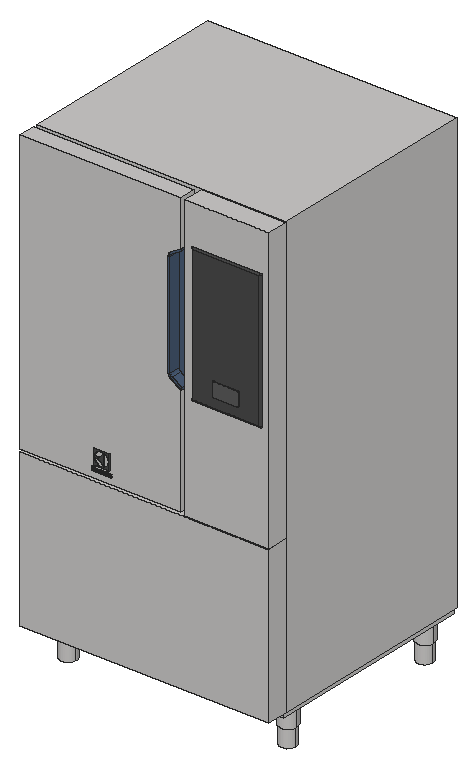
Revit family "QF_ELECTROLUXPROFESSIONAL_727737_EBFA11RE", category Specialty Equipment, Revit 2018 (continued)
Automatic sketch dimensions
  Split face 143 sketch curve to Split face 143 sketch curve = 4.974 mm
  Split face 144 sketch curve to Extrusion 4 = 392.465 mm
  Split face 144 sketch curve to Split face 144 sketch curve = 110.016 mm
  Split face 144 sketch curve to Extrusion 4 = 223.5 mm
  Split face 144 sketch curve to Split face 144 sketch curve = 4.974 mm
  Split face 145 sketch curve to Extrusion 4 = 392.465 mm
  Split face 145 sketch curve to Split face 145 sketch curve = 110.016 mm
  Split face 145 sketch curve to Extrusion 4 = 233.001 mm
  Split face 145 sketch curve to Split face 145 sketch curve = 4.974 mm
  Split face 146 sketch curve to Extrusion 4 = 392.465 mm
  Split face 146 sketch curve to Split face 146 sketch curve = 110.016 mm
  Split face 146 sketch curve to Extrusion 4 = 242.501 mm
  Split face 146 sketch curve to Split face 146 sketch curve = 4.974 mm
  Split face 147 sketch curve to Extrusion 4 = 392.465 mm
  Split face 147 sketch curve to Split face 147 sketch curve = 110.016 mm
  Split face 147 sketch curve to Extrusion 4 = 252.001 mm
  Split face 147 sketch curve to Split face 147 sketch curve = 4.974 mm
  Split face 148 sketch curve to Extrusion 4 = 392.465 mm
  Split face 148 sketch curve to Split face 148 sketch curve = 110.016 mm
  Split face 148 sketch curve to Extrusion 4 = 261.501 mm
  Split face 148 sketch curve to Split face 148 sketch curve = 4.974 mm
  Split face 149 sketch curve to Extrusion 4 = 392.465 mm
  Split face 149 sketch curve to Split face 149 sketch curve = 110.016 mm
  Split face 149 sketch curve to Extrusion 4 = 271.001 mm
  Split face 149 sketch curve to Split face 149 sketch curve = 4.974 mm
  Split face 150 sketch curve to Extrusion 4 = 392.465 mm
  Split face 150 sketch curve to Split face 150 sketch curve = 110.016 mm
  Split face 150 sketch curve to Extrusion 4 = 279.479 mm
  Split face 150 sketch curve to Split face 150 sketch curve = 4.974 mm
  Split face 151 sketch curve to Extrusion 4 = 392.465 mm
  Split face 151 sketch curve to Split face 151 sketch curve = 110.016 mm
  Split face 151 sketch curve to Extrusion 4 = 269.979 mm
  Split face 151 sketch curve to Split face 151 sketch curve = 4.974 mm
  Split face 152 sketch curve to Extrusion 4 = 392.465 mm
  Split face 152 sketch curve to Split face 152 sketch curve = 110.016 mm
  Split face 152 sketch curve to Extrusion 4 = 260.479 mm
  Split face 152 sketch curve to Split face 152 sketch curve = 4.974 mm
  Split face 153 sketch curve to Extrusion 4 = 392.465 mm
  Split face 153 sketch curve to Split face 153 sketch curve = 110.016 mm
  Split face 153 sketch curve to Extrusion 4 = 250.978 mm
  Split face 153 sketch curve to Split face 153 sketch curve = 4.974 mm
  Split face 154 sketch curve to Extrusion 4 = 392.465 mm
  Split face 154 sketch curve to Split face 154 sketch curve = 110.016 mm
  Split face 154 sketch curve to Extrusion 4 = 241.478 mm
  Split face 154 sketch curve to Split face 154 sketch curve = 4.974 mm
  Split face 155 sketch curve to Extrusion 4 = 392.465 mm
  Split face 155 sketch curve to Split face 155 sketch curve = 110.016 mm
  Split face 155 sketch curve to Extrusion 4 = 231.978 mm
  Split face 155 sketch curve to Split face 155 sketch curve = 4.974 mm
  Split face 156 sketch curve to Extrusion 4 = 392.465 mm
  Split face 156 sketch curve to Split face 156 sketch curve = 110.016 mm
  Split face 156 sketch curve to Extrusion 4 = 222.478 mm
  Split face 156 sketch curve to Split face 156 sketch curve = 4.974 mm
  Split face 157 sketch curve to Extrusion 4 = 392.465 mm
  Split face 157 sketch curve to Split face 157 sketch curve = 110.016 mm
  Split face 157 sketch curve to Extrusion 4 = 212.978 mm
  Split face 157 sketch curve to Split face 157 sketch curve = 4.974 mm
  Split face 158 sketch curve to Extrusion 4 = 392.465 mm
  Split face 158 sketch curve to Split face 158 sketch curve = 110.016 mm
  Split face 158 sketch curve to Extrusion 4 = 203.478 mm
  Split face 158 sketch curve to Split face 158 sketch curve = 4.974 mm
  Split face 159 sketch curve to Extrusion 4 = 193.978 mm
  Split face 159 sketch curve to Extrusion 4 = 392.465 mm
  Split face 159 sketch curve to Split face 159 sketch curve = 110.016 mm
  Split face 159 sketch curve to Split face 159 sketch curve = 4.974 mm
  Split face 160 sketch curve to Extrusion 4 = 184.478 mm
  Split face 160 sketch curve to Extrusion 4 = 392.465 mm
  Split face 160 sketch curve to Split face 160 sketch curve = 110.016 mm
  Split face 160 sketch curve to Split face 160 sketch curve = 4.974 mm
  Split face 161 sketch curve to Extrusion 4 = 174.978 mm
  Split face 161 sketch curve to Extrusion 4 = 392.465 mm
  Split face 161 sketch curve to Split face 161 sketch curve = 110.016 mm
  Split face 161 sketch curve to Split face 161 sketch curve = 4.974 mm
  Split face 162 sketch curve to Extrusion 4 = 165.478 mm
  Split face 162 sketch curve to Extrusion 4 = 392.465 mm
  Split face 162 sketch curve to Split face 162 sketch curve = 110.016 mm
  Split face 162 sketch curve to Split face 162 sketch curve = 4.974 mm
  Split face 163 sketch curve to Extrusion 4 = 155.978 mm
  Split face 163 sketch curve to Extrusion 4 = 392.465 mm
  Split face 163 sketch curve to Split face 163 sketch curve = 110.016 mm
  Split face 163 sketch curve to Split face 163 sketch curve = 4.974 mm
  Split face 164 sketch curve to Extrusion 4 = 146.478 mm
  Split face 164 sketch curve to Extrusion 4 = 392.465 mm
  Split face 164 sketch curve to Split face 164 sketch curve = 110.016 mm
  Split face 164 sketch curve to Split face 164 sketch curve = 4.974 mm
  Split face 165 sketch curve to Extrusion 4 = 33.499 mm
  Split face 165 sketch curve to Extrusion 4 = 382.543 mm
  Split face 165 sketch curve to Extrusion 4 = 28.525 mm
  Split face 165 sketch curve to Split face 165 sketch curve = 110.016 mm
  Split face 166 sketch curve to Extrusion 4 = 42.999 mm
  Split face 166 sketch curve to Extrusion 4 = 382.543 mm
  Split face 166 sketch curve to Extrusion 4 = 38.025 mm
  Split face 166 sketch curve to Split face 166 sketch curve = 110.016 mm
  Split face 167 sketch curve to Extrusion 4 = 52.499 mm
  Split face 167 sketch curve to Extrusion 4 = 382.543 mm
  Split face 167 sketch curve to Extrusion 4 = 47.525 mm
  Split face 167 sketch curve to Split face 167 sketch curve = 110.016 mm
  Split face 168 sketch curve to Extrusion 4 = 61.999 mm
  Split face 168 sketch curve to Extrusion 4 = 382.543 mm
  Split face 168 sketch curve to Split face 168 sketch curve = 110.016 mm
  Split face 168 sketch curve to Split face 168 sketch curve = 4.974 mm
  Split face 169 sketch curve to Extrusion 4 = 71.499 mm
  Split face 169 sketch curve to Extrusion 4 = 382.543 mm
  Split face 169 sketch curve to Split face 169 sketch curve = 110.016 mm
  Split face 169 sketch curve to Split face 169 sketch curve = 4.974 mm
  Split face 170 sketch curve to Extrusion 4 = 80.999 mm
  Split face 170 sketch curve to Extrusion 4 = 382.543 mm
  Split face 170 sketch curve to Split face 170 sketch curve = 110.016 mm
  Split face 170 sketch curve to Split face 170 sketch curve = 4.974 mm
  Split face 171 sketch curve to Extrusion 4 = 90.499 mm
  Split face 171 sketch curve to Extrusion 4 = 382.543 mm
  Split face 171 sketch curve to Split face 171 sketch curve = 110.016 mm
  Split face 171 sketch curve to Split face 171 sketch curve = 4.974 mm
  Split face 172 sketch curve to Extrusion 4 = 99.999 mm
  Split face 172 sketch curve to Extrusion 4 = 382.543 mm
  Split face 172 sketch curve to Split face 172 sketch curve = 110.016 mm
  Split face 172 sketch curve to Split face 172 sketch curve = 4.974 mm
  Split face 173 sketch curve to Extrusion 4 = 109.499 mm
  Split face 173 sketch curve to Extrusion 4 = 382.543 mm
  Split face 173 sketch curve to Split face 173 sketch curve = 110.016 mm
  Split face 173 sketch curve to Split face 173 sketch curve = 4.974 mm
  Split face 174 sketch curve to Extrusion 4 = 119 mm
  Split face 174 sketch curve to Extrusion 4 = 382.543 mm
  Split face 174 sketch curve to Split face 174 sketch curve = 110.016 mm
  Split face 174 sketch curve to Split face 174 sketch curve = 4.974 mm
  Split face 175 sketch curve to Extrusion 4 = 128.5 mm
  Split face 175 sketch curve to Extrusion 4 = 382.543 mm
  Split face 175 sketch curve to Split face 175 sketch curve = 110.016 mm
  Split face 175 sketch curve to Split face 175 sketch curve = 4.974 mm
  Split face 176 sketch curve to Extrusion 4 = 138 mm
  Split face 176 sketch curve to Extrusion 4 = 382.543 mm
  Split face 176 sketch curve to Split face 176 sketch curve = 110.016 mm
  Split face 176 sketch curve to Split face 176 sketch curve = 4.974 mm
  Split face 177 sketch curve to Extrusion 4 = 147.5 mm
  Split face 177 sketch curve to Extrusion 4 = 382.543 mm
  Split face 177 sketch curve to Split face 177 sketch curve = 110.016 mm
  Split face 177 sketch curve to Split face 177 sketch curve = 4.974 mm
  Split face 178 sketch curve to Extrusion 4 = 157 mm
  Split face 178 sketch curve to Extrusion 4 = 382.543 mm
  Split face 178 sketch curve to Split face 178 sketch curve = 110.016 mm
  Split face 178 sketch curve to Split face 178 sketch curve = 4.974 mm
  Split face 179 sketch curve to Extrusion 4 = 166.5 mm
  Split face 179 sketch curve to Extrusion 4 = 382.543 mm
  Split face 179 sketch curve to Split face 179 sketch curve = 110.016 mm
  Split face 179 sketch curve to Split face 179 sketch curve = 4.974 mm
  Split face 180 sketch curve to Extrusion 4 = 176 mm
  Split face 180 sketch curve to Extrusion 4 = 382.543 mm
  Split face 180 sketch curve to Split face 180 sketch curve = 110.016 mm
  Split face 180 sketch curve to Split face 180 sketch curve = 4.974 mm
  Split face 181 sketch curve to Extrusion 4 = 185.5 mm
  Split face 181 sketch curve to Extrusion 4 = 382.543 mm
  Split face 181 sketch curve to Split face 181 sketch curve = 110.016 mm
  Split face 181 sketch curve to Split face 181 sketch curve = 4.974 mm
  Split face 182 sketch curve to Extrusion 4 = 382.543 mm
  Split face 182 sketch curve to Split face 182 sketch curve = 110.016 mm
  Split face 182 sketch curve to Extrusion 4 = 195 mm
  Split face 182 sketch curve to Split face 182 sketch curve = 4.974 mm
  Split face 183 sketch curve to Extrusion 4 = 382.543 mm
  Split face 183 sketch curve to Split face 183 sketch curve = 110.016 mm
  Split face 183 sketch curve to Extrusion 4 = 204.5 mm
  Split face 183 sketch curve to Split face 183 sketch curve = 4.974 mm
  Split face 184 sketch curve to Extrusion 4 = 382.543 mm
  Split face 184 sketch curve to Split face 184 sketch curve = 110.016 mm
  Split face 184 sketch curve to Extrusion 4 = 214 mm
  Split face 184 sketch curve to Split face 184 sketch curve = 4.974 mm
  Split face 185 sketch curve to Extrusion 4 = 382.543 mm
  Split face 185 sketch curve to Split face 185 sketch curve = 110.016 mm
  Split face 185 sketch curve to Extrusion 4 = 223.5 mm
  Split face 185 sketch curve to Split face 185 sketch curve = 4.974 mm
  Split face 186 sketch curve to Extrusion 4 = 382.543 mm
  Split face 186 sketch curve to Split face 186 sketch curve = 110.016 mm
  Split face 186 sketch curve to Extrusion 4 = 233.001 mm
  Split face 186 sketch curve to Split face 186 sketch curve = 4.974 mm
  Split face 187 sketch curve to Extrusion 4 = 382.543 mm
  Split face 187 sketch curve to Split face 187 sketch curve = 110.016 mm
  Split face 187 sketch curve to Extrusion 4 = 242.501 mm
  Split face 187 sketch curve to Split face 187 sketch curve = 4.974 mm
  Split face 188 sketch curve to Extrusion 4 = 382.543 mm
  Split face 188 sketch curve to Split face 188 sketch curve = 110.016 mm
  Split face 188 sketch curve to Extrusion 4 = 252.001 mm
  Split face 188 sketch curve to Split face 188 sketch curve = 4.974 mm
  Split face 189 sketch curve to Extrusion 4 = 382.543 mm
  Split face 189 sketch curve to Split face 189 sketch curve = 110.016 mm
  Split face 189 sketch curve to Extrusion 4 = 261.501 mm
  Split face 189 sketch curve to Split face 189 sketch curve = 4.974 mm
  Split face 190 sketch curve to Extrusion 4 = 382.543 mm
  Split face 190 sketch curve to Split face 190 sketch curve = 110.016 mm
  Split face 190 sketch curve to Extrusion 4 = 271.001 mm
  Split face 190 sketch curve to Split face 190 sketch curve = 4.974 mm
  Split face 191 sketch curve to Extrusion 4 = 382.543 mm
  Split face 191 sketch curve to Split face 191 sketch curve = 110.016 mm
  Split face 191 sketch curve to Extrusion 4 = 279.479 mm
  Split face 191 sketch curve to Split face 191 sketch curve = 4.974 mm
  Split face 192 sketch curve to Extrusion 4 = 382.543 mm
  Split face 192 sketch curve to Split face 192 sketch curve = 110.016 mm
  Split face 192 sketch curve to Extrusion 4 = 269.979 mm
  Split face 192 sketch curve to Split face 192 sketch curve = 4.974 mm
  Split face 193 sketch curve to Extrusion 4 = 382.543 mm
  Split face 193 sketch curve to Split face 193 sketch curve = 110.016 mm
  Split face 193 sketch curve to Extrusion 4 = 260.479 mm
  Split face 193 sketch curve to Split face 193 sketch curve = 4.974 mm
  Split face 194 sketch curve to Extrusion 4 = 382.543 mm
  Split face 194 sketch curve to Split face 194 sketch curve = 110.016 mm
  Split face 194 sketch curve to Extrusion 4 = 250.978 mm
  Split face 194 sketch curve to Split face 194 sketch curve = 4.974 mm
  Split face 195 sketch curve to Extrusion 4 = 382.543 mm
  Split face 195 sketch curve to Split face 195 sketch curve = 110.016 mm
  Split face 195 sketch curve to Extrusion 4 = 241.478 mm
  Split face 195 sketch curve to Split face 195 sketch curve = 4.974 mm
  Split face 196 sketch curve to Extrusion 4 = 382.543 mm
  Split face 196 sketch curve to Split face 196 sketch curve = 110.016 mm
  Split face 196 sketch curve to Extrusion 4 = 231.978 mm
  Split face 196 sketch curve to Split face 196 sketch curve = 4.974 mm
  Split face 197 sketch curve to Extrusion 4 = 382.543 mm
  Split face 197 sketch curve to Split face 197 sketch curve = 110.016 mm
  Split face 197 sketch curve to Extrusion 4 = 222.478 mm
  Split face 197 sketch curve to Split face 197 sketch curve = 4.974 mm
  Split face 198 sketch curve to Extrusion 4 = 382.543 mm
  Split face 198 sketch curve to Split face 198 sketch curve = 110.016 mm
  Split face 198 sketch curve to Extrusion 4 = 212.978 mm
  Split face 198 sketch curve to Split face 198 sketch curve = 4.974 mm
  Split face 199 sketch curve to Extrusion 4 = 382.543 mm
  Split face 199 sketch curve to Split face 199 sketch curve = 110.016 mm
  Split face 199 sketch curve to Extrusion 4 = 203.478 mm
  Split face 199 sketch curve to Split face 199 sketch curve = 4.974 mm
  Split face 200 sketch curve to Extrusion 4 = 382.543 mm
  Split face 200 sketch curve to Split face 200 sketch curve = 110.016 mm
  Split face 200 sketch curve to Extrusion 4 = 193.978 mm
  Split face 200 sketch curve to Split face 200 sketch curve = 4.974 mm
  Split face 201 sketch curve to Extrusion 4 = 184.478 mm
  Split face 201 sketch curve to Extrusion 4 = 382.543 mm
  Split face 201 sketch curve to Split face 201 sketch curve = 110.016 mm
  Split face 201 sketch curve to Split face 201 sketch curve = 4.974 mm
  Split face 202 sketch curve to Extrusion 4 = 174.978 mm
  Split face 202 sketch curve to Extrusion 4 = 382.543 mm
  Split face 202 sketch curve to Split face 202 sketch curve = 110.016 mm
  Split face 202 sketch curve to Split face 202 sketch curve = 4.974 mm
  Split face 203 sketch curve to Extrusion 4 = 165.478 mm
  Split face 203 sketch curve to Extrusion 4 = 382.543 mm
  Split face 203 sketch curve to Split face 203 sketch curve = 110.016 mm
  Split face 203 sketch curve to Split face 203 sketch curve = 4.974 mm
  Split face 204 sketch curve to Extrusion 4 = 155.978 mm
  Split face 204 sketch curve to Extrusion 4 = 382.543 mm
  Split face 204 sketch curve to Split face 204 sketch curve = 110.016 mm
  Split face 204 sketch curve to Split face 204 sketch curve = 4.974 mm
  Split face 205 sketch curve to Extrusion 4 = 146.478 mm
  Split face 205 sketch curve to Extrusion 4 = 382.543 mm
  Split face 205 sketch curve to Split face 205 sketch curve = 110.016 mm
  Split face 205 sketch curve to Split face 205 sketch curve = 4.974 mm
  Split face 206 sketch curve to Extrusion 4 = 33.499 mm
  Split face 206 sketch curve to Extrusion 4 = 262.552 mm
  Split face 206 sketch curve to Extrusion 4 = 28.525 mm
  Split face 206 sketch curve to Split face 206 sketch curve = 110.016 mm
  Split face 207 sketch curve to Extrusion 4 = 42.999 mm
  Split face 207 sketch curve to Extrusion 4 = 262.552 mm
  Split face 207 sketch curve to Extrusion 4 = 38.025 mm
  Split face 207 sketch curve to Split face 207 sketch curve = 110.016 mm
  Split face 208 sketch curve to Extrusion 4 = 52.499 mm
  Split face 208 sketch curve to Extrusion 4 = 262.552 mm
  Split face 208 sketch curve to Extrusion 4 = 47.525 mm
  Split face 208 sketch curve to Split face 208 sketch curve = 110.016 mm
  Split face 209 sketch curve to Extrusion 4 = 61.999 mm
  Split face 209 sketch curve to Extrusion 4 = 262.552 mm
  Split face 209 sketch curve to Split face 209 sketch curve = 110.016 mm
  Split face 209 sketch curve to Split face 209 sketch curve = 4.974 mm
  Split face 210 sketch curve to Extrusion 4 = 71.499 mm
  Split face 210 sketch curve to Extrusion 4 = 262.552 mm
  Split face 210 sketch curve to Split face 210 sketch curve = 110.016 mm
  Split face 210 sketch curve to Split face 210 sketch curve = 4.974 mm
  Split face 211 sketch curve to Extrusion 4 = 80.999 mm
  Split face 211 sketch curve to Extrusion 4 = 262.552 mm
  Split face 211 sketch curve to Split face 211 sketch curve = 110.016 mm
  Split face 211 sketch curve to Split face 211 sketch curve = 4.974 mm
  Split face 212 sketch curve to Extrusion 4 = 90.499 mm
  Split face 212 sketch curve to Extrusion 4 = 262.552 mm
  Split face 212 sketch curve to Split face 212 sketch curve = 110.016 mm
  Split face 212 sketch curve to Split face 212 sketch curve = 4.974 mm
  Split face 213 sketch curve to Extrusion 4 = 99.999 mm
  Split face 213 sketch curve to Extrusion 4 = 262.552 mm
  Split face 213 sketch curve to Split face 213 sketch curve = 110.016 mm
  Split face 213 sketch curve to Split face 213 sketch curve = 4.974 mm
  Split face 214 sketch curve to Extrusion 4 = 109.499 mm
  Split face 214 sketch curve to Extrusion 4 = 262.552 mm
  Split face 214 sketch curve to Split face 214 sketch curve = 110.016 mm
  Split face 214 sketch curve to Split face 214 sketch curve = 4.974 mm
  Split face 215 sketch curve to Extrusion 4 = 119 mm
  Split face 215 sketch curve to Extrusion 4 = 262.552 mm
  Split face 215 sketch curve to Split face 215 sketch curve = 110.016 mm
  Split face 215 sketch curve to Split face 215 sketch curve = 4.974 mm
  Split face 216 sketch curve to Extrusion 4 = 128.5 mm
  Split face 216 sketch curve to Extrusion 4 = 262.552 mm
  Split face 216 sketch curve to Split face 216 sketch curve = 110.016 mm
  Split face 216 sketch curve to Split face 216 sketch curve = 4.974 mm
  Split face 217 sketch curve to Extrusion 4 = 262.552 mm
  Split face 217 sketch curve to Split face 217 sketch curve = 110.016 mm
  Split face 217 sketch curve to Extrusion 4 = 138 mm
  Split face 217 sketch curve to Split face 217 sketch curve = 4.974 mm
  Split face 218 sketch curve to Extrusion 4 = 262.552 mm
  Split face 218 sketch curve to Split face 218 sketch curve = 110.016 mm
  Split face 218 sketch curve to Extrusion 4 = 147.5 mm
  Split face 218 sketch curve to Split face 218 sketch curve = 4.974 mm
  Split face 219 sketch curve to Extrusion 4 = 262.552 mm
  Split face 219 sketch curve to Split face 219 sketch curve = 110.016 mm
  Split face 219 sketch curve to Extrusion 4 = 157 mm
  Split face 219 sketch curve to Split face 219 sketch curve = 4.974 mm
  Split face 220 sketch curve to Extrusion 4 = 262.552 mm
  Split face 220 sketch curve to Split face 220 sketch curve = 110.016 mm
  Split face 220 sketch curve to Extrusion 4 = 166.5 mm
  Split face 220 sketch curve to Split face 220 sketch curve = 4.974 mm
  Split face 221 sketch curve to Extrusion 4 = 262.552 mm
  Split face 221 sketch curve to Split face 221 sketch curve = 110.016 mm
  Split face 221 sketch curve to Extrusion 4 = 176 mm
  Split face 221 sketch curve to Split face 221 sketch curve = 4.974 mm
  Split face 222 sketch curve to Extrusion 4 = 262.552 mm
  Split face 222 sketch curve to Split face 222 sketch curve = 110.016 mm
  Split face 222 sketch curve to Extrusion 4 = 185.5 mm
  Split face 222 sketch curve to Split face 222 sketch curve = 4.974 mm
  Split face 223 sketch curve to Extrusion 4 = 262.552 mm
  Split face 223 sketch curve to Split face 223 sketch curve = 110.016 mm
  Split face 223 sketch curve to Extrusion 4 = 195 mm
  Split face 223 sketch curve to Split face 223 sketch curve = 4.974 mm
  Split face 224 sketch curve to Extrusion 4 = 262.552 mm
  Split face 224 sketch curve to Split face 224 sketch curve = 110.016 mm
  Split face 224 sketch curve to Extrusion 4 = 204.5 mm
  Split face 224 sketch curve to Split face 224 sketch curve = 4.974 mm
  Split face 225 sketch curve to Extrusion 4 = 262.552 mm
  Split face 225 sketch curve to Split face 225 sketch curve = 110.016 mm
  Split face 225 sketch curve to Extrusion 4 = 214 mm
  Split face 225 sketch curve to Split face 225 sketch curve = 4.974 mm
  Split face 226 sketch curve to Extrusion 4 = 262.552 mm
  Split face 226 sketch curve to Split face 226 sketch curve = 110.016 mm
  Split face 226 sketch curve to Extrusion 4 = 223.5 mm
  Split face 226 sketch curve to Split face 226 sketch curve = 4.974 mm
  Split face 227 sketch curve to Extrusion 4 = 262.552 mm
  Split face 227 sketch curve to Split face 227 sketch curve = 110.016 mm
  Split face 227 sketch curve to Extrusion 4 = 233.001 mm
  Split face 227 sketch curve to Split face 227 sketch curve = 4.974 mm
  Split face 228 sketch curve to Extrusion 4 = 262.552 mm
  Split face 228 sketch curve to Split face 228 sketch curve = 110.016 mm
  Split face 228 sketch curve to Extrusion 4 = 242.501 mm
  Split face 228 sketch curve to Split face 228 sketch curve = 4.974 mm
  Split face 229 sketch curve to Extrusion 4 = 262.552 mm
  Split face 229 sketch curve to Split face 229 sketch curve = 110.016 mm
  Split face 229 sketch curve to Extrusion 4 = 252.001 mm
  Split face 229 sketch curve to Split face 229 sketch curve = 4.974 mm
  Split face 230 sketch curve to Extrusion 4 = 262.552 mm
  Split face 230 sketch curve to Split face 230 sketch curve = 110.016 mm
  Split face 230 sketch curve to Extrusion 4 = 261.501 mm
  Split face 230 sketch curve to Split face 230 sketch curve = 4.974 mm
  Split face 231 sketch curve to Extrusion 4 = 262.552 mm
  Split face 231 sketch curve to Split face 231 sketch curve = 110.016 mm
  Split face 231 sketch curve to Extrusion 4 = 271.001 mm
  Split face 231 sketch curve to Split face 231 sketch curve = 4.974 mm
  Split face 232 sketch curve to Extrusion 4 = 262.552 mm
  Split face 232 sketch curve to Split face 232 sketch curve = 110.016 mm
  Split face 232 sketch curve to Extrusion 4 = 279.479 mm
  Split face 232 sketch curve to Split face 232 sketch curve = 4.974 mm
  Split face 233 sketch curve to Extrusion 4 = 262.552 mm
  Split face 233 sketch curve to Split face 233 sketch curve = 110.016 mm
  Split face 233 sketch curve to Extrusion 4 = 269.979 mm
  Split face 233 sketch curve to Split face 233 sketch curve = 4.974 mm
  Split face 234 sketch curve to Extrusion 4 = 262.552 mm
  Split face 234 sketch curve to Split face 234 sketch curve = 110.016 mm
  Split face 234 sketch curve to Extrusion 4 = 260.479 mm
  Split face 234 sketch curve to Split face 234 sketch curve = 4.974 mm
  Split face 235 sketch curve to Extrusion 4 = 262.552 mm
  Split face 235 sketch curve to Split face 235 sketch curve = 110.016 mm
  Split face 235 sketch curve to Extrusion 4 = 250.978 mm
  Split face 235 sketch curve to Split face 235 sketch curve = 4.974 mm
  Split face 236 sketch curve to Extrusion 4 = 262.552 mm
  Split face 236 sketch curve to Split face 236 sketch curve = 110.016 mm
  Split face 236 sketch curve to Extrusion 4 = 241.478 mm
  Split face 236 sketch curve to Split face 236 sketch curve = 4.974 mm
  Split face 237 sketch curve to Extrusion 4 = 262.552 mm
  Split face 237 sketch curve to Split face 237 sketch curve = 110.016 mm
  Split face 237 sketch curve to Extrusion 4 = 231.978 mm
  Split face 237 sketch curve to Split face 237 sketch curve = 4.974 mm
  Split face 238 sketch curve to Extrusion 4 = 262.552 mm
  Split face 238 sketch curve to Split face 238 sketch curve = 110.016 mm
  Split face 238 sketch curve to Extrusion 4 = 222.478 mm
  Split face 238 sketch curve to Split face 238 sketch curve = 4.974 mm
  Split face 239 sketch curve to Extrusion 4 = 262.552 mm
  Split face 239 sketch curve to Split face 239 sketch curve = 110.016 mm
  Split face 239 sketch curve to Extrusion 4 = 212.978 mm
  Split face 239 sketch curve to Split face 239 sketch curve = 4.974 mm
  Split face 240 sketch curve to Extrusion 4 = 262.552 mm
  Split face 240 sketch curve to Split face 240 sketch curve = 110.016 mm
  Split face 240 sketch curve to Extrusion 4 = 203.478 mm
  Split face 240 sketch curve to Split face 240 sketch curve = 4.974 mm
  Split face 241 sketch curve to Extrusion 4 = 262.552 mm
  Split face 241 sketch curve to Split face 241 sketch curve = 110.016 mm
  Split face 241 sketch curve to Extrusion 4 = 193.978 mm
  Split face 241 sketch curve to Split face 241 sketch curve = 4.974 mm
  Split face 242 sketch curve to Extrusion 4 = 262.552 mm
  Split face 242 sketch curve to Split face 242 sketch curve = 110.016 mm
  Split face 242 sketch curve to Extrusion 4 = 184.478 mm
  Split face 242 sketch curve to Split face 242 sketch curve = 4.974 mm
  Split face 243 sketch curve to Extrusion 4 = 262.552 mm
  Split face 243 sketch curve to Split face 243 sketch curve = 110.016 mm
  Split face 243 sketch curve to Extrusion 4 = 174.978 mm
  Split face 243 sketch curve to Split face 243 sketch curve = 4.974 mm
  Split face 244 sketch curve to Extrusion 4 = 262.552 mm
  Split face 244 sketch curve to Split face 244 sketch curve = 110.016 mm
  Split face 244 sketch curve to Extrusion 4 = 165.478 mm
  Split face 244 sketch curve to Split face 244 sketch curve = 4.974 mm
  Split face 245 sketch curve to Extrusion 4 = 262.552 mm
  Split face 245 sketch curve to Split face 245 sketch curve = 110.016 mm
  Split face 245 sketch curve to Extrusion 4 = 155.978 mm
  Split face 245 sketch curve to Split face 245 sketch curve = 4.974 mm
  Split face 246 sketch curve to Extrusion 4 = 262.552 mm
  Split face 246 sketch curve to Split face 246 sketch curve = 110.016 mm
  Split face 246 sketch curve to Extrusion 4 = 146.478 mm
  Split face 246 sketch curve to Split face 246 sketch curve = 4.974 mm
  Split face 247 sketch curve to Extrusion 4 = 33.499 mm
  Split face 247 sketch curve to Extrusion 4 = 142.561 mm
  Split face 247 sketch curve to Extrusion 4 = 32.544 mm
  Split face 247 sketch curve to Split face 247 sketch curve = 4.974 mm
  Split face 248 sketch curve to Extrusion 4 = 42.999 mm
  Split face 248 sketch curve to Extrusion 4 = 142.561 mm
  Split face 248 sketch curve to Extrusion 4 = 32.544 mm
  Split face 248 sketch curve to Split face 248 sketch curve = 4.974 mm
  Split face 249 sketch curve to Extrusion 4 = 52.499 mm
  Split face 249 sketch curve to Extrusion 4 = 142.561 mm
  Split face 249 sketch curve to Extrusion 4 = 32.544 mm
  Split face 249 sketch curve to Split face 249 sketch curve = 4.974 mm
  Split face 250 sketch curve to Extrusion 4 = 61.999 mm
  Split face 250 sketch curve to Extrusion 4 = 142.561 mm
  Split face 250 sketch curve to Extrusion 4 = 32.544 mm
  Split face 250 sketch curve to Split face 250 sketch curve = 4.974 mm
  Split face 251 sketch curve to Extrusion 4 = 142.561 mm
  Split face 251 sketch curve to Extrusion 4 = 32.544 mm
  Split face 251 sketch curve to Extrusion 4 = 71.499 mm
  Split face 251 sketch curve to Split face 251 sketch curve = 4.974 mm
  Split face 252 sketch curve to Extrusion 4 = 142.561 mm
  Split face 252 sketch curve to Extrusion 4 = 32.544 mm
  Split face 252 sketch curve to Extrusion 4 = 80.999 mm
  Split face 252 sketch curve to Split face 252 sketch curve = 4.974 mm
  Split face 253 sketch curve to Extrusion 4 = 142.561 mm
  Split face 253 sketch curve to Extrusion 4 = 32.544 mm
  Split face 253 sketch curve to Extrusion 4 = 90.499 mm
  Split face 253 sketch curve to Split face 253 sketch curve = 4.974 mm
  Split face 254 sketch curve to Extrusion 4 = 142.561 mm
  Split face 254 sketch curve to Extrusion 4 = 32.544 mm
  Split face 254 sketch curve to Extrusion 4 = 99.999 mm
  Split face 254 sketch curve to Split face 254 sketch curve = 4.974 mm
  Split face 255 sketch curve to Extrusion 4 = 142.561 mm
  Split face 255 sketch curve to Extrusion 4 = 32.544 mm
  Split face 255 sketch curve to Extrusion 4 = 109.499 mm
  Split face 255 sketch curve to Split face 255 sketch curve = 4.974 mm
  Split face 256 sketch curve to Extrusion 4 = 142.561 mm
  Split face 256 sketch curve to Extrusion 4 = 32.544 mm
  Split face 256 sketch curve to Extrusion 4 = 119 mm
  Split face 256 sketch curve to Split face 256 sketch curve = 4.974 mm
  Split face 257 sketch curve to Extrusion 4 = 142.561 mm
  Split face 257 sketch curve to Extrusion 4 = 32.544 mm
  Split face 257 sketch curve to Extrusion 4 = 128.5 mm
  Split face 257 sketch curve to Split face 257 sketch curve = 4.974 mm
  Split face 258 sketch curve to Extrusion 4 = 142.561 mm
  Split face 258 sketch curve to Extrusion 4 = 32.544 mm
  Split face 258 sketch curve to Extrusion 4 = 138 mm
  Split face 258 sketch curve to Split face 258 sketch curve = 4.974 mm
  Split face 259 sketch curve to Extrusion 4 = 142.561 mm
  Split face 259 sketch curve to Extrusion 4 = 32.544 mm
  Split face 259 sketch curve to Extrusion 4 = 147.5 mm
  Split face 259 sketch curve to Split face 259 sketch curve = 4.974 mm
  Split face 260 sketch curve to Extrusion 4 = 142.561 mm
  Split face 260 sketch curve to Extrusion 4 = 32.544 mm
  Split face 260 sketch curve to Extrusion 4 = 157 mm
  Split face 260 sketch curve to Split face 260 sketch curve = 4.974 mm
  Split face 261 sketch curve to Extrusion 4 = 142.561 mm
  Split face 261 sketch curve to Extrusion 4 = 32.544 mm
  Split face 261 sketch curve to Extrusion 4 = 166.5 mm
  Split face 261 sketch curve to Split face 261 sketch curve = 4.974 mm
  Split face 262 sketch curve to Extrusion 4 = 142.561 mm
  Split face 262 sketch curve to Extrusion 4 = 32.544 mm
  Split face 262 sketch curve to Extrusion 4 = 176 mm
  Split face 262 sketch curve to Split face 262 sketch curve = 4.974 mm
  Split face 263 sketch curve to Extrusion 4 = 142.561 mm
  Split face 263 sketch curve to Extrusion 4 = 32.544 mm
  Split face 263 sketch curve to Extrusion 4 = 185.5 mm
  Split face 263 sketch curve to Split face 263 sketch curve = 4.974 mm
  Split face 264 sketch curve to Extrusion 4 = 142.561 mm
  Split face 264 sketch curve to Extrusion 4 = 32.544 mm
  Split face 264 sketch curve to Extrusion 4 = 195 mm
  Split face 264 sketch curve to Split face 264 sketch curve = 4.974 mm
  Split face 265 sketch curve to Extrusion 4 = 142.561 mm
  Split face 265 sketch curve to Extrusion 4 = 32.544 mm
  Split face 265 sketch curve to Extrusion 4 = 204.5 mm
  Split face 265 sketch curve to Split face 265 sketch curve = 4.974 mm
  Split face 266 sketch curve to Extrusion 4 = 142.561 mm
  Split face 266 sketch curve to Extrusion 4 = 32.544 mm
  Split face 266 sketch curve to Extrusion 4 = 214 mm
  Split face 266 sketch curve to Split face 266 sketch curve = 4.974 mm
  Split face 267 sketch curve to Extrusion 4 = 142.561 mm
  Split face 267 sketch curve to Extrusion 4 = 32.544 mm
  Split face 267 sketch curve to Extrusion 4 = 223.5 mm
  Split face 267 sketch curve to Split face 267 sketch curve = 4.974 mm
  Split face 268 sketch curve to Extrusion 4 = 142.561 mm
  Split face 268 sketch curve to Extrusion 4 = 32.544 mm
  Split face 268 sketch curve to Extrusion 4 = 233.001 mm
  Split face 268 sketch curve to Split face 268 sketch curve = 4.974 mm
  Split face 269 sketch curve to Extrusion 4 = 142.561 mm
  Split face 269 sketch curve to Extrusion 4 = 32.544 mm
  Split face 269 sketch curve to Extrusion 4 = 242.501 mm
  Split face 269 sketch curve to Split face 269 sketch curve = 4.974 mm
  Split face 270 sketch curve to Extrusion 4 = 142.561 mm
  Split face 270 sketch curve to Extrusion 4 = 32.544 mm
  Split face 270 sketch curve to Extrusion 4 = 252.001 mm
  Split face 270 sketch curve to Split face 270 sketch curve = 4.974 mm
  Split face 271 sketch curve to Extrusion 4 = 142.561 mm
  Split face 271 sketch curve to Extrusion 4 = 32.544 mm
  Split face 271 sketch curve to Extrusion 4 = 261.501 mm
  Split face 271 sketch curve to Split face 271 sketch curve = 4.974 mm
  Split face 272 sketch curve to Extrusion 4 = 142.561 mm
  Split face 272 sketch curve to Extrusion 4 = 32.544 mm
  Split face 272 sketch curve to Extrusion 4 = 271.001 mm
  Split face 272 sketch curve to Split face 272 sketch curve = 4.974 mm
  Split face 273 sketch curve to Extrusion 4 = 142.561 mm
  Split face 273 sketch curve to Extrusion 4 = 32.544 mm
  Split face 273 sketch curve to Extrusion 4 = 279.479 mm
  Split face 273 sketch curve to Split face 273 sketch curve = 4.974 mm
  Split face 274 sketch curve to Extrusion 4 = 142.561 mm
  Split face 274 sketch curve to Extrusion 4 = 32.544 mm
  Split face 274 sketch curve to Extrusion 4 = 269.979 mm
  Split face 274 sketch curve to Split face 274 sketch curve = 4.974 mm
  Split face 275 sketch curve to Extrusion 4 = 142.561 mm
  Split face 275 sketch curve to Extrusion 4 = 32.544 mm
  Split face 275 sketch curve to Extrusion 4 = 260.479 mm
  Split face 275 sketch curve to Split face 275 sketch curve = 4.974 mm
  Split face 276 sketch curve to Extrusion 4 = 142.561 mm
  Split face 276 sketch curve to Extrusion 4 = 32.544 mm
  Split face 276 sketch curve to Extrusion 4 = 250.978 mm
  Split face 276 sketch curve to Split face 276 sketch curve = 4.974 mm
  Split face 277 sketch curve to Extrusion 4 = 142.561 mm
  Split face 277 sketch curve to Extrusion 4 = 32.544 mm
  Split face 277 sketch curve to Extrusion 4 = 241.478 mm
  Split face 277 sketch curve to Split face 277 sketch curve = 4.974 mm
  Split face 278 sketch curve to Extrusion 4 = 142.561 mm
  Split face 278 sketch curve to Extrusion 4 = 32.544 mm
  Split face 278 sketch curve to Extrusion 4 = 231.978 mm
  Split face 278 sketch curve to Split face 278 sketch curve = 4.974 mm
  Split face 279 sketch curve to Extrusion 4 = 142.561 mm
  Split face 279 sketch curve to Extrusion 4 = 32.544 mm
  Split face 279 sketch curve to Extrusion 4 = 222.478 mm
  Split face 279 sketch curve to Split face 279 sketch curve = 4.974 mm
  Split face 280 sketch curve to Extrusion 4 = 142.561 mm
  Split face 280 sketch curve to Extrusion 4 = 32.544 mm
  Split face 280 sketch curve to Extrusion 4 = 212.978 mm
  Split face 280 sketch curve to Split face 280 sketch curve = 4.974 mm
  Split face 281 sketch curve to Extrusion 4 = 142.561 mm
  Split face 281 sketch curve to Extrusion 4 = 32.544 mm
  Split face 281 sketch curve to Extrusion 4 = 203.478 mm
  Split face 281 sketch curve to Split face 281 sketch curve = 4.974 mm
  Split face 282 sketch curve to Extrusion 4 = 142.561 mm
  Split face 282 sketch curve to Extrusion 4 = 32.544 mm
  Split face 282 sketch curve to Extrusion 4 = 193.978 mm
  Split face 282 sketch curve to Split face 282 sketch curve = 4.974 mm
  Split face 283 sketch curve to Extrusion 4 = 142.561 mm
  Split face 283 sketch curve to Extrusion 4 = 32.544 mm
  Split face 283 sketch curve to Extrusion 4 = 184.478 mm
  Split face 283 sketch curve to Split face 283 sketch curve = 4.974 mm
  Split face 284 sketch curve to Extrusion 4 = 142.561 mm
  Split face 284 sketch curve to Extrusion 4 = 32.544 mm
  Split face 284 sketch curve to Extrusion 4 = 174.978 mm
  Split face 284 sketch curve to Split face 284 sketch curve = 4.974 mm
  Split face 285 sketch curve to Extrusion 4 = 142.561 mm
  Split face 285 sketch curve to Extrusion 4 = 32.544 mm
  Split face 285 sketch curve to Extrusion 4 = 165.478 mm
  Split face 285 sketch curve to Split face 285 sketch curve = 4.974 mm
  Split face 286 sketch curve to Extrusion 4 = 142.561 mm
  Split face 286 sketch curve to Extrusion 4 = 32.544 mm
  Split face 286 sketch curve to Extrusion 4 = 155.978 mm
  Split face 286 sketch curve to Split face 286 sketch curve = 4.974 mm
  Split face 287 sketch curve to Extrusion 4 = 142.561 mm
  Split face 287 sketch curve to Extrusion 4 = 32.544 mm
  Split face 287 sketch curve to Extrusion 4 = 146.478 mm
  Split face 287 sketch curve to Split face 287 sketch curve = 4.974 mm
  Extrusion 14 sketch curve to plane 9 "TOP" = 0 mm
  plane 7 "FRONT" to Extrusion 14 sketch curve = 0 mm
  Extrusion 14 sketch curve to Extrusion 14 sketch curve = 8.487 mm
  Extrusion 14 sketch curve to Extrusion 14 sketch curve = 8.95 mm
  Extrusion 14 sketch curve to Extrusion 14 sketch curve = 10.513 mm
  Extrusion 14 sketch curve to Extrusion 14 sketch curve = 20 mm
  Extrusion 14 sketch curve to Extrusion 14 sketch curve = 35.79 mm
  Extrusion 14 sketch curve to Extrusion 14 sketch curve = 36.253 mm
  Extrusion 14 sketch curve to Extrusion 14 sketch curve = 162.03 mm
  Extrusion 14 sketch curve to Extrusion 14 sketch curve = 24.082 mm
  Extrusion 14 sketch curve to Extrusion 14 sketch curve = 374.913 mm
  Extrusion 14 sketch curve to Extrusion 14 sketch curve = 23.723 mm
  plane 8 to Extrusion 14 sketch curve = 589.524 mm
  Extrusion 15 sketch curve to Extrusion 15 sketch curve = 8.487 mm
  Extrusion 15 sketch curve to Extrusion 15 sketch curve = 8.95 mm
  Extrusion 15 sketch curve to Extrusion 15 sketch curve = 19 mm
  Extrusion 15 sketch curve to Extrusion 15 sketch curve = 11.05 mm
  Extrusion 15 sketch curve to plane 9 "TOP" = 186.112 mm
  Extrusion 15 sketch curve to Extrusion 15 sketch curve = 374.913 mm
  Extrusion 15 sketch curve to Extrusion 15 sketch curve = 36.253 mm
  Extrusion 15 sketch curve to Extrusion 15 sketch curve = 35.79 mm
  Extrusion 15 sketch curve to Extrusion 15 sketch curve = 0 mm  (x3)
  Extrusion 15 sketch curve to Extrusion 15 sketch curve = 24.082 mm
  Extrusion 15 sketch curve to Extrusion 15 sketch curve = 23.723 mm
  Extrusion 16 sketch curve to Extrusion 16 sketch curve = 0 mm  (x7)
  Extrusion 16 sketch curve to Extrusion 16 sketch curve = 2.5 mm  (x2)
  Extrusion 16 sketch curve to Extrusion 16 sketch curve = 7.459 mm
  Extrusion 16 sketch curve to Extrusion 16 sketch curve = 6.917 mm
  Extrusion 16 sketch curve to Extrusion 16 sketch curve = 3.591 mm
  Extrusion 16 sketch curve to Extrusion 16 sketch curve = 3.597 mm
  Extrusion 16 sketch curve to Extrusion 16 sketch curve = 5.583 mm
  Extrusion 16 sketch curve to Extrusion 16 sketch curve = 6.5 mm
  Extrusion 16 sketch curve to plane 9 "TOP" = 162.03 mm
  Extrusion 16 sketch curve to Extrusion 16 sketch curve = 6.143 mm
  Extrusion 16 sketch curve to Extrusion 16 sketch curve = 17.939 mm
  Extrusion 16 sketch curve to Extrusion 16 sketch curve = 374.913 mm
  Extrusion 16 sketch curve to Extrusion 16 sketch curve = 23 mm
  Extrusion 16 sketch curve to Extrusion 16 sketch curve = 6.141 mm
  Extrusion 14 sketch curve to plane 7 "FRONT" = 491.76 mm
  Extrusion 15 sketch curve to plane 7 "FRONT" = 491.76 mm
  Extrusion 16 sketch curve to plane 7 "FRONT" = 539 mm
  Extrusion 16 sketch curve to Extrusion 16 sketch curve = 27.24 mm
  Extrusion 16 sketch curve to Extrusion 16 sketch curve = 28.24 mm
  curve 21 to plane 4 "LEFT" = 0 mm
  curve 19 to plane 4 "LEFT" = 0 mm
  curve 27 to plane 7 "FRONT" = 0 mm
  curve 18 to plane 7 "FRONT" = 0 mm
  plane 7 "FRONT" to curve 23 = 60 mm
  plane 3 "Center Y" to curve 23 = 130.7 mm
  curve 25 to plane 7 "FRONT" = 1 mm
  curve 22 to curve 25 = 2.5 mm
  curve 20 to curve 18 = 14.8 mm
  curve 26 to curve 20 = 21 mm
  curve 20 to curve 18 = 16 mm
  curve 27 to curve 22 = 44.74 mm
  Extrusion 10 sketch curve to plane 7 "FRONT" = 0 mm
  plane 4 "LEFT" to Extrusion 10 sketch curve = 22.511 mm
  plane 10 to Extrusion 10 sketch curve = 2 mm
  plane 3 "Center Y" to Extrusion 10 sketch curve = 130.7 mm
  plane 15 to Extrusion 10 sketch curve = 2.5 mm
  curve 1 to plane 5 "BACK" = 0 mm
  curve 1 to plane 6 "RIGHT" = 0 mm
  curve 13 to plane 7 "FRONT" = 0 mm
  curve 6 to plane 14 = 0 mm
  curve 14 to plane 7 "FRONT" = 0 mm
  curve 17 to plane 7 "FRONT" = 0 mm
  curve 2 to plane 4 "LEFT" = 0 mm
  curve 15 to plane 7 "FRONT" = 0 mm
  curve 11 to plane 7 "FRONT" = 5 mm
  plane 12 to curve 11 = 20 mm
  curve 9 to plane 12 = 6.5 mm
  curve 8 to curve 10 = 21 mm
  curve 6 to plane 12 = 50.859 mm
  curve 6 to curve 6 = 164.232 mm
  plane 3 "Center Y" to curve 12 = 177.5 mm
  plane 10 to curve 17 = 2 mm
  plane 4 "LEFT" to curve 14 = 22.511 mm
  plane 15 to curve 16 = 2.5 mm
  curve 16 to plane 4 "LEFT" = 6 mm
  curve 10 to curve 10 = 29 mm
  plane 7 "FRONT" to curve 14 = 18.608 mm
  curve 13 to curve 11 = 8 mm
  curve 10 to curve 7 = 15.266 mm
  curve 5 to curve 5 = 8.092 mm
  curve 11 to curve 12 = 8 mm
  curve 3 to curve 14 = 14.8 mm
  curve 2 to curve 14 = 57.392 mm
  radius of Extrusion 3 sketch curve = 10.5 mm
  radius of Extrusion 6 sketch curve = 9.5 mm
  radius of Extrusion 18 sketch curve = 8 mm
  radius of Extrusion 17 sketch curve = 4.75 mm
Nested families
  nested 1: "Foot_Complete" at (-707, -144.149, 0), type "Foot_Complete"
    with H 130 mm
  nested 2: "Foot_Complete" at (84, -144.149, 0), type "Foot_Complete"
    with H 130 mm
  nested 3: "Foot_Complete" at (84, 471.851, 0), type "Foot_Complete"
    with H 130 mm
  nested 4: "Foot_Complete" at (-707, 471.851, 0), type "Foot_Complete"
    with H 130 mm
  nested 5: "ELX_Touch" at (-15, -295.149, 1341.605) x (-1, 0, 0) z (0, -1, 0), type "ELX_Touch"
  nested 6: "ELX_Logo_S_New" at (-465.397, -295.149, 749.524) x (1, 0, 0) z (0, -1, 0), visible <- "Show Logo", type "ELX_Logo_S_New"
    with M QF_Finishes_Black
  nested 7: "ELX_Logo_Symbol" at (-465.397, -295.149, 789.524) x (-1, 0, 0) z (0, -1, 0), visible <- "Show Logo", type "ELX_Logo_Symbol"
    with M QF_Finishes_Black
Connectors
  electrical at (67, 576.851, 593), driven by "Volts"
    settings: on Extrusion 3, index 5, voltage 220 V, apparent load 0 VA, apparent load phase1 0 VA, apparent load phase2 0 VA, apparent load phase3 0 VA, power factor 1, load classification "Altro", number of poles 1, system type 30, power factor state 1, is connector primary yes, connector utility no, sub classification motor no, connector description "Electrical Connection"
  piping at (-359, 149.851, 98.32), diameter 19
    settings: on cut or joined group of Extrusion 1, Extrusion 2, Extrusion 3, Extrusion 5, Extrusion 6, Extrusion 7, Extrusion 13, index 6, connector inside diameter 609.6 mm, connector length 0 mm, flow factor 0, pipe flow 0.0 L/s, pressure drop 0.0 Pa, fitting loss kfactor 0, connector angle 0.00°, fixture units 0, engagement length 0 mm, angle of deflection 0.00°, flow configuration 1, flow direction 2, fitting loss method 0, system type 16, joint type 0, gender type 0, connector reference index -1, connector utility 0, adjustable connector no, is connector primary yes, connector description "Drain"
  piping at (-74, 527.851, 223), diameter 16
    settings: on Extrusion 18, index 8, connector inside diameter 609.6 mm, connector length 0 mm, flow factor 0, pipe flow 0.0 L/s, pressure drop 0.0 Pa, fitting loss kfactor 0, connector angle 0.00°, fixture units 0, engagement length 0 mm, angle of deflection 0.00°, flow configuration 1, flow direction 1, fitting loss method 0, system type 8, joint type 0, gender type 0, connector reference index -1, connector utility 0, adjustable connector no, is connector primary no, connector description "Refrigerant Outlet"
  piping at (-16, 467.851, 217), diameter 9.5
    settings: on Extrusion 17, index 9, connector inside diameter 609.6 mm, connector length 0 mm, flow factor 0, pipe flow 0.0 L/s, pressure drop 0.0 Pa, fitting loss kfactor 0, connector angle 0.00°, fixture units 0, engagement length 0 mm, angle of deflection 0.00°, flow configuration 1, flow direction 1, fitting loss method 0, system type 7, joint type 0, gender type 0, connector reference index -1, connector utility 0, adjustable connector no, is connector primary no, connector description "Refrigerant Inlet"
Definition of nested family "Foot_Complete"
  Parameters
    R = 32 mm
    H = 150 mm
  Reference planes
    plane 1 "Centro (Fronte/Retro)": y = 0
    plane 2: z = 0
    plane 3 "Centro (Sinistra/Destra)": x = 0
    plane 4: z = 150
  Forms (mm)
    Revolve 1, solid
      sketch origin (255.05, 0, 608.09) x (0, 0, 1) y (-1, 0, 0)
        loop
          line (-608.09, 255.05) -> (-608.09, 226.55) -> (-544.09, 226.55) -> (-544.09, 223.05) -> (-458.09, 223.05) -> (-458.09, 255.05) -> (-608.09, 255.05)
        axis (-608.09, 255.05) -> (-458.09, 255.05)
      angle from 0 to 360
  Dimensions and locks
    locked: level to Revolve 1 sketch curve at 64
    "R": Revolve 1 sketch curve to plane 3 "Centro (Sinistra/Destra)"
    "H": plane 4 to level
    aligned and locked: level to plane 2
    aligned and locked: plane 4 to Revolve 1 sketch curve
    aligned and locked: Revolve 1 sketch curve to level
    aligned and locked: plane 3 "Centro (Sinistra/Destra)" to Revolve 1 sketch curve
  Automatic sketch dimensions
    Revolve 1 sketch curve to plane 3 "Centro (Sinistra/Destra)" = 0 mm
    plane 3 "Centro (Sinistra/Destra)" to Revolve 1 sketch curve = 28.5 mm
    Revolve 1 sketch curve to Revolve 1 sketch curve = 50 mm
    Revolve 1 sketch curve to Revolve 1 sketch curve = 20 mm
Definition of nested family "ELX_Touch"
  Parameters
    Default Elevation = 1219.2 mm
  Reference planes
    plane 1 "Centro (Fronte/Retro)": y = 0
    plane 2: z = 0
    plane 3 "Centro (Sinistra/Destra)": x = 0
  Forms (mm)
    Extrusion 1, solid
      sketch origin (0, 0, 0) x (1, 0, 0) y (0, 1, 0)
        loop
          line (-1219.2, 1219.2) -> (-1219.2, -1219.2) -> (1219.2, -1219.2) -> (1219.2, 1219.2) -> (-1219.2, 1219.2)
      from 0 to -304.8
    Extrusion 2, solid
      sketch origin (0, 0, 5) x (1, 0, 0) y (0, 1, 0)
        loop
          line (-47, -160) -> (-47, -202)
          arc (-47, -202) -> (-45.536, -205.535) -> (-42, -207) r 5
          line (-42, -207) -> (42, -207)
          arc (42, -207) -> (45.536, -205.535) -> (47, -202) r 5
          line (47, -202) -> (47, -160)
          arc (47, -160) -> (45.536, -156.465) -> (42, -155) r 5
          line (42, -155) -> (-42, -155)
          arc (-42, -155) -> (-45.536, -156.465) -> (-47, -160) r 5
      from 0 to 2
    Blend 3, solid
      base sketch origin (0, 0, 0) x (1, 0, 0) y (0, 1, 0)
        loop
          line (-127, 244) -> (-127, -244)
          arc (-127, -244) -> (-125.536, -247.536) -> (-122, -249) r 5
          line (-122, -249) -> (122, -249)
          arc (122, -249) -> (125.536, -247.536) -> (127, -244) r 5
          line (127, -244) -> (127, 244)
          arc (127, 244) -> (125.536, 247.536) -> (122, 249) r 5
          line (122, 249) -> (-122, 249)
          arc (-122, 249) -> (-125.536, 247.536) -> (-127, 244) r 5
      top sketch origin (0, 0, 0) x (1, 0, 0) y (0, 1, 0)
        loop
          line (-119, -241) -> (119, -241) -> (119, 241) -> (-119, 241) -> (-119, -241)
      from 0 to 5
  Lines and regions (mm)
    Split face 1
      outline origin (0, 0, 5) x (1, 0, 0) y (0, 1, 0)
        loop
          line (-70.506, 46.167) -> (70.506, 46.167) -> (70.506, 214.829) -> (-70.506, 214.829) -> (-70.506, 46.167)
    Split face 2
      outline origin (0, 0, 5) x (1, 0, 0) y (0, 1, 0)
        loop
          line (-47.467, 50.825) -> (47.467, 50.825) -> (47.467, 210.171) -> (-47.467, 210.171) -> (-47.467, 50.825)
    Split face 3
      outline origin (0, 0, 5) x (1, 0, 0) y (0, 1, 0)
        loop
          line (-70.521, -215.33) -> (70.521, -215.33) -> (70.521, -146.67) -> (-70.521, -146.67) -> (-70.521, -215.33)
    Split face 4
      outline origin (0, 0, 5) x (1, 0, 0) y (0, 1, 0)
        loop
          line (-119, 201.163) -> (-70.506, 201.163)
        loop
          line (70.506, 201.163) -> (119, 201.163)
        loop
          line (70.521, -200.849) -> (119, -200.849)
        loop
          line (-119, -200.849) -> (-70.521, -200.849)
  Dimensions and locks
    aligned and locked: plane 2 to Extrusion 1
    aligned and locked: level to Extrusion 1
Definition of nested family "ELX_Logo_S_New"
  Parameters
    Default Elevation = 0 mm
    M [instance] = none
  Reference planes
    plane 1 "Centro (Fronte/Retro)": y = 0
    plane 2: z = 0
    plane 3 "Centro (Sinistra/Destra)": x = 0
  Forms (mm)
    Extrusion 1, solid
      sketch origin (0, 0, 0) x (1, 0, 0) y (0, 1, 0)
        loop
          line (-1219.2, 1219.2) -> (-1219.2, -1219.2) -> (1219.2, -1219.2) -> (1219.2, 1219.2) -> (-1219.2, 1219.2)
      from 0 to -304.8
    Extrusion 2, solid, material <- "M"
      sketch origin (0, 0, 0) x (1, 0, 0) y (0, 1, 0)
        loop
          spline (-32.537, -4.135) -> (-32.702, -4.128) -> (-32.877, -4.105) -> (-33.059, -4.064) -> (-33.242, -4.002) -> (-33.422, -3.916) -> (-33.593, -3.803) -> (-33.751, -3.66) -> (-33.891, -3.486) -> (-34.008, -3.276) -> (-34.098, -3.029) -> (-34.155, -2.741) -> (-34.176, -2.41)
          line (-34.176, -2.41) -> (-34.176, -0.943) -> (-29.331, -0.943) -> (-29.331, 0.928) -> (-34.176, 0.928) -> (-34.176, 3.652) -> (-29.023, 3.652) -> (-29.023, 5.518) -> (-36.159, 5.518) -> (-36.159, -2.326)
          spline (-36.159, -2.326) -> (-36.142, -2.808) -> (-36.088, -3.263) -> (-35.996, -3.688) -> (-35.867, -4.083) -> (-35.698, -4.445) -> (-35.489, -4.773) -> (-35.239, -5.066) -> (-34.946, -5.322) -> (-34.61, -5.539) -> (-34.23, -5.716) -> (-33.804, -5.851) -> (-33.332, -5.943)
          line (-33.332, -5.943) -> (-32.554, -5.999) -> (-28.885, -5.999) -> (-28.885, -4.135) -> (-32.537, -4.135)
        loop
          line (-27.476, 0.076) -> (-27.476, -6.002) -> (-25.492, -6.002) -> (-25.492, 5.521) -> (-27.476, 5.521) -> (-27.476, 0.076)
        loop
          spline (-15.702, -2.321) -> (-15.689, -1.697) -> (-15.749, -1.094) -> (-15.879, -0.516) -> (-16.078, 0.029) -> (-16.341, 0.538) -> (-16.668, 1.004) -> (-17.055, 1.422) -> (-17.5, 1.786) -> (-17.999, 2.091) -> (-18.552, 2.331) -> (-19.154, 2.5) -> (-19.804, 2.594)
          spline (-19.804, 2.594) -> (-20.422, 2.558) -> (-21.009, 2.453) -> (-21.56, 2.28) -> (-22.072, 2.042) -> (-22.54, 1.743) -> (-22.96, 1.385) -> (-23.327, 0.97) -> (-23.638, 0.502) -> (-23.887, -0.018) -> (-24.07, -0.586) -> (-24.183, -1.2) -> (-24.222, -1.857)
          spline (-24.222, -1.857) -> (-24.184, -2.498) -> (-24.074, -3.097) -> (-23.895, -3.652) -> (-23.651, -4.16) -> (-23.344, -4.618) -> (-22.979, -5.023) -> (-22.559, -5.374) -> (-22.087, -5.667) -> (-21.567, -5.899) -> (-21.003, -6.068) -> (-20.397, -6.172) -> (-19.754, -6.207)
          spline (-19.754, -6.207) -> (-19.44, -6.2) -> (-19.13, -6.176) -> (-18.823, -6.135) -> (-18.52, -6.074) -> (-18.221, -5.993) -> (-17.925, -5.89) -> (-17.634, -5.762) -> (-17.346, -5.609) -> (-17.062, -5.43) -> (-16.782, -5.221) -> (-16.506, -4.983) -> (-16.234, -4.713)
          line (-16.234, -4.713) -> (-17.429, -3.55)
          spline (-17.429, -3.55) -> (-17.587, -3.702) -> (-17.745, -3.841) -> (-17.906, -3.967) -> (-18.07, -4.08) -> (-18.239, -4.181) -> (-18.415, -4.268) -> (-18.599, -4.343) -> (-18.792, -4.404) -> (-18.996, -4.452) -> (-19.213, -4.486) -> (-19.443, -4.506) -> (-19.688, -4.513)
          spline (-19.688, -4.513) -> (-20.047, -4.496) -> (-20.383, -4.443) -> (-20.696, -4.358) -> (-20.984, -4.24) -> (-21.246, -4.092) -> (-21.479, -3.915) -> (-21.683, -3.711) -> (-21.856, -3.48) -> (-21.997, -3.224) -> (-22.104, -2.945) -> (-22.176, -2.643) -> (-22.212, -2.321)
          line (-22.212, -2.321) -> (-15.702, -2.321)
        loop
          spline (-17.695, -0.926) -> (-17.714, -0.681) -> (-17.771, -0.445) -> (-17.861, -0.221) -> (-17.984, -0.01) -> (-18.135, 0.184) -> (-18.314, 0.36) -> (-18.516, 0.516) -> (-18.741, 0.648) -> (-18.984, 0.755) -> (-19.244, 0.834) -> (-19.518, 0.883) -> (-19.804, 0.9)
          spline (-19.804, 0.9) -> (-20.11, 0.884) -> (-20.405, 0.835) -> (-20.686, 0.757) -> (-20.95, 0.652) -> (-21.195, 0.521) -> (-21.419, 0.367) -> (-21.618, 0.192) -> (-21.79, -0.003) -> (-21.934, -0.214) -> (-22.045, -0.439) -> (-22.122, -0.678) -> (-22.162, -0.926)
          line (-22.162, -0.926) -> (-17.695, -0.926)
        loop
          spline (-12.669, -1.807) -> (-12.646, -1.438) -> (-12.58, -1.088) -> (-12.472, -0.759) -> (-12.326, -0.455) -> (-12.145, -0.177) -> (-11.93, 0.072) -> (-11.685, 0.289) -> (-11.412, 0.473) -> (-11.114, 0.62) -> (-10.793, 0.728) -> (-10.453, 0.794) -> (-10.095, 0.817)
          spline (-10.095, 0.817) -> (-9.876, 0.81) -> (-9.665, 0.79) -> (-9.464, 0.756) -> (-9.271, 0.709) -> (-9.086, 0.65) -> (-8.908, 0.578) -> (-8.737, 0.495) -> (-8.572, 0.399) -> (-8.414, 0.292) -> (-8.261, 0.173) -> (-8.113, 0.044) -> (-7.969, -0.096)
          line (-7.969, -0.096) -> (-6.741, 1.183)
          spline (-6.741, 1.183) -> (-6.985, 1.427) -> (-7.237, 1.647) -> (-7.496, 1.843) -> (-7.762, 2.015) -> (-8.034, 2.164) -> (-8.312, 2.291) -> (-8.596, 2.397) -> (-8.886, 2.482) -> (-9.181, 2.546) -> (-9.481, 2.592) -> (-9.786, 2.619) -> (-10.095, 2.627)
          spline (-10.095, 2.627) -> (-10.715, 2.589) -> (-11.308, 2.476) -> (-11.871, 2.294) -> (-12.396, 2.046) -> (-12.88, 1.736) -> (-13.316, 1.369) -> (-13.7, 0.949) -> (-14.026, 0.48) -> (-14.289, -0.035) -> (-14.483, -0.59) -> (-14.604, -1.182) -> (-14.645, -1.807)
          spline (-14.645, -1.807) -> (-14.604, -2.431) -> (-14.483, -3.023) -> (-14.289, -3.578) -> (-14.026, -4.093) -> (-13.7, -4.562) -> (-13.316, -4.983) -> (-12.88, -5.35) -> (-12.396, -5.659) -> (-11.871, -5.907) -> (-11.308, -6.09) -> (-10.715, -6.202) -> (-10.095, -6.24)
          spline (-10.095, -6.24) -> (-9.786, -6.232) -> (-9.481, -6.205) -> (-9.181, -6.16) -> (-8.886, -6.095) -> (-8.596, -6.01) -> (-8.312, -5.904) -> (-8.034, -5.777) -> (-7.762, -5.628) -> (-7.496, -5.456) -> (-7.237, -5.26) -> (-6.985, -5.04) -> (-6.741, -4.796)
          line (-6.741, -4.796) -> (-7.969, -3.517)
          spline (-7.969, -3.517) -> (-8.113, -3.657) -> (-8.261, -3.786) -> (-8.414, -3.905) -> (-8.572, -4.012) -> (-8.737, -4.108) -> (-8.908, -4.192) -> (-9.086, -4.263) -> (-9.271, -4.323) -> (-9.464, -4.369) -> (-9.665, -4.403) -> (-9.876, -4.423) -> (-10.095, -4.43)
          spline (-10.095, -4.43) -> (-10.453, -4.408) -> (-10.793, -4.341) -> (-11.114, -4.233) -> (-11.412, -4.086) -> (-11.685, -3.902) -> (-11.93, -3.685) -> (-12.145, -3.436) -> (-12.326, -3.158) -> (-12.472, -2.854) -> (-12.58, -2.526) -> (-12.646, -2.176) -> (-12.669, -1.807)
        loop
          spline (-1.683, -4.138) -> (-1.858, -4.14) -> (-2.045, -4.127) -> (-2.24, -4.095) -> (-2.438, -4.04) -> (-2.633, -3.959) -> (-2.822, -3.85) -> (-2.998, -3.709) -> (-3.157, -3.533) -> (-3.294, -3.318) -> (-3.404, -3.061) -> (-3.483, -2.76) -> (-3.524, -2.411)
          line (-3.524, -2.411) -> (-3.524, 0.529) -> (-1.72, 0.529) -> (-1.72, 2.331) -> (-3.522, 2.331) -> (-3.522, 5.521) -> (-5.506, 5.521) -> (-5.506, -2.523)
          spline (-5.506, -2.523) -> (-5.463, -2.99) -> (-5.386, -3.429) -> (-5.274, -3.839) -> (-5.126, -4.218) -> (-4.941, -4.564) -> (-4.717, -4.877) -> (-4.455, -5.155) -> (-4.153, -5.396) -> (-3.81, -5.599) -> (-3.425, -5.762) -> (-2.998, -5.884) -> (-2.528, -5.964)
          line (-2.528, -5.964) -> (-1.69, -6.002) -> (-1.683, -4.138)
        loop
          spline (4.991, 2.446) -> (4.648, 2.468) -> (4.318, 2.461) -> (4.001, 2.429) -> (3.699, 2.371) -> (3.413, 2.288) -> (3.142, 2.182) -> (2.89, 2.052) -> (2.655, 1.901) -> (2.439, 1.728) -> (2.244, 1.535) -> (2.069, 1.322) -> (1.917, 1.091)
          line (1.917, 1.091) -> (1.917, 2.33) -> (-0.051, 2.33) -> (-0.051, -6.002) -> (1.917, -6.002) -> (1.917, -1.621)
          spline (1.917, -1.621) -> (1.935, -1.288) -> (1.988, -0.979) -> (2.075, -0.693) -> (2.195, -0.432) -> (2.345, -0.197) -> (2.526, 0.01) -> (2.736, 0.189) -> (2.972, 0.338) -> (3.235, 0.456) -> (3.522, 0.541) -> (3.832, 0.594) -> (4.165, 0.611)
          line (4.165, 0.611) -> (4.991, 0.529) -> (4.991, 2.446)
        loop
          spline (14.388, -1.836) -> (14.347, -1.224) -> (14.226, -0.642) -> (14.031, -0.093) -> (13.768, 0.418) -> (13.441, 0.887) -> (13.057, 1.308) -> (12.621, 1.677) -> (12.137, 1.989) -> (11.612, 2.24) -> (11.051, 2.425) -> (10.459, 2.539) -> (9.842, 2.578)
          spline (9.842, 2.578) -> (9.221, 2.539) -> (8.627, 2.425) -> (8.064, 2.24) -> (7.539, 1.989) -> (7.056, 1.677) -> (6.62, 1.308) -> (6.237, 0.887) -> (5.912, 0.418) -> (5.65, -0.093) -> (5.456, -0.642) -> (5.336, -1.224) -> (5.295, -1.836)
          spline (5.295, -1.836) -> (5.336, -2.447) -> (5.456, -3.029) -> (5.65, -3.578) -> (5.912, -4.089) -> (6.237, -4.558) -> (6.62, -4.979) -> (7.056, -5.348) -> (7.539, -5.66) -> (8.064, -5.911) -> (8.627, -6.096) -> (9.221, -6.211) -> (9.842, -6.25)
          spline (9.842, -6.25) -> (10.459, -6.211) -> (11.051, -6.096) -> (11.612, -5.911) -> (12.137, -5.66) -> (12.621, -5.348) -> (13.057, -4.979) -> (13.441, -4.558) -> (13.768, -4.089) -> (14.031, -3.578) -> (14.226, -3.029) -> (14.347, -2.447) -> (14.388, -1.836)
        loop
          spline (12.42, -1.836) -> (12.397, -1.475) -> (12.33, -1.131) -> (12.222, -0.807) -> (12.075, -0.504) -> (11.893, -0.227) -> (11.677, 0.022) -> (11.431, 0.241) -> (11.157, 0.426) -> (10.859, 0.575) -> (10.538, 0.685) -> (10.198, 0.753) -> (9.842, 0.777)
          spline (9.842, 0.777) -> (9.482, 0.753) -> (9.14, 0.685) -> (8.818, 0.575) -> (8.519, 0.426) -> (8.246, 0.241) -> (8.001, 0.022) -> (7.786, -0.227) -> (7.605, -0.504) -> (7.459, -0.807) -> (7.352, -1.131) -> (7.286, -1.475) -> (7.263, -1.836)
          spline (7.263, -1.836) -> (7.286, -2.196) -> (7.352, -2.54) -> (7.459, -2.865) -> (7.605, -3.167) -> (7.786, -3.444) -> (8.001, -3.694) -> (8.246, -3.912) -> (8.519, -4.098) -> (8.818, -4.247) -> (9.14, -4.357) -> (9.482, -4.425) -> (9.842, -4.448)
          spline (9.842, -4.448) -> (10.198, -4.425) -> (10.538, -4.357) -> (10.859, -4.247) -> (11.157, -4.098) -> (11.431, -3.912) -> (11.677, -3.694) -> (11.893, -3.444) -> (12.075, -3.167) -> (12.222, -2.865) -> (12.33, -2.54) -> (12.397, -2.196) -> (12.42, -1.836)
        loop
          line (15.608, 0.275) -> (15.608, -6.002) -> (17.593, -6.002) -> (17.593, 5.521) -> (15.608, 5.521) -> (15.608, 0.275)
        loop
          line (24.747, 2.33) -> (24.747, -2.513)
          spline (24.747, -2.513) -> (24.731, -2.828) -> (24.685, -3.112) -> (24.61, -3.366) -> (24.507, -3.59) -> (24.38, -3.785) -> (24.229, -3.952) -> (24.056, -4.091) -> (23.863, -4.203) -> (23.652, -4.29) -> (23.425, -4.35) -> (23.183, -4.386) -> (22.928, -4.398)
